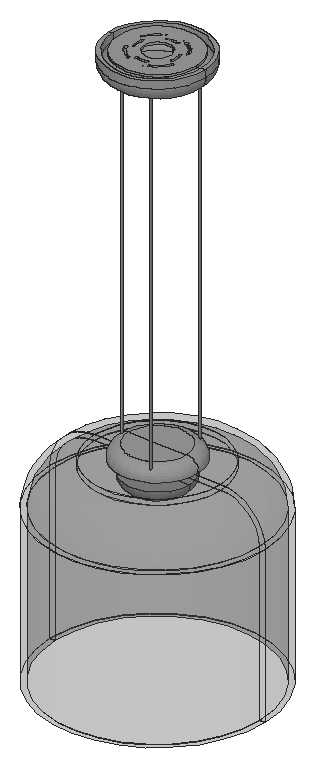
Revit family "Totem Downlight Assembly", category Lighting Fixtures, Revit 2020
Family settings
  Round Connector Dimension = Use Diameter
  Part Type = Normal
  OmniClass Number = 23.80.70.00
  OmniClass Title = Lighting
  Work Plane-Based = No
  Always vertical = Yes
  Cut with Voids When Loaded = No
  Light Source = Yes
  Shared = No
  Room Calculation Point = No
Parameters (values of type "Totem Downlight Assembly A")
  Wattage = 9.42495 W
  built-in parameter 1150110 = 1 (stored number, unit not read)
  built-in parameter 1114217 = 1 (stored number, unit not read)
  Tilt Angle = 90.00°
  built-in parameter 1150109 = 1 (stored number, unit not read)
  built-in parameter 1150134 = (empty or 0)
  built-in parameter 1150113 = 1 (stored number, unit not read)
  SUSPENDED CABLE LENGTH = 2' - 0"
  Photometric Web File = "TOTEM FLUSH.IES"
  MATERIAL ROOF ATTACHMENT PIECE = Steel, Paint Finish, Ivory, Glossy
  MATERIAL LIGHT PIECE ATTACHMENT = Steel, Paint Finish, Ivory, Glossy
  MATERIAL LIGHT PIECE = Cloth, Lamp Shade
  MATERIAL CABLE = Steel, Paint Finish, Ivory, Glossy
  Lumens = 1400 lm
  built-in parameter 1150115 = 1 (stored number, unit not read)
  built-in parameter 1150105 = 111.41 (stored number, unit not read)
  built-in parameter 1150137 = (empty or 0)
  built-in parameter 1150139 = (empty or 0)
  built-in parameter 1150112 = 1 (stored number, unit not read)
  built-in parameter 1150114 = 1 (stored number, unit not read)
  LIGHT PIECE LENGTH = 1' - 2"
  built-in parameter 1150132 = 2
  built-in parameter 1150102 = (empty or 0)
  built-in parameter 1150138 = (empty or 0)
  built-in parameter 1150107 = 2700 (stored number, unit not read)
  built-in parameter 1150106 = 1.1141 (stored number, unit not read)
  Emit from Circle Diameter = 2' - 0"
  Emit Shape Visible in Rendering = no
  built-in parameter 1150104 = 13.8 (stored number, unit not read)
  Dimming Lamp Color Temperature Shift = <None>
  Default Elevation = 0' - 0"
  Color Filter = 16777215
  built-in parameter 1114218 = 1 (stored number, unit not read)
  built-in parameter 1150133 = 10 (stored number, unit not read)
Types (5): name | LIGHT PIECE LENGTH
  (no name) | 1' - 2"
  Totem Downlight Assembly A | 1' - 2"
  Totem Downlight Assembly B | 0' - 10"
  Totem Downlight Assembly C | 0' - 4 1/2"
  Totem Downlight Assembly D | 0' - 3 9/16"
Reference planes (in)
  plane 1 "Light Source Axis (F/B)": y = 0
  plane 2: z = 0
  plane 3 "Light Source Axis (L/R)": x = 0
  plane 4 "Light Source Elevation": z = 12.56609
  plane 5 "TOP": z = 11.08972
  plane 6 "BOTTOM": z = -12.91028
Forms (in)
  Extrusion 1, solid, material "Steel, Paint Finish, Ivory, Glossy" <- "MATERIAL CABLE"
    sketch origin (2.47542, -0.00382, 9.92893) x (0, 1, 0) y (-1, 0, 0)
      loop
        circle (-0.00527, 4.95303) r 0.05909
      loop
        circle (2.1421, 1.24324) r 0.05909
      loop
        circle (-2.1526, 1.24502) r 0.05909
    from -22.83922 to 1.16078
  Revolve 2, solid, material "Steel, Paint Finish, Ivory, Glossy" <- "MATERIAL ROOF ATTACHMENT PIECE"
    sketch origin (0, 0, -0.04271) x (1, 0, 0) y (0, 0, 1)
      loop
        line (-3.37597, 12.60881) -> (-3.37597, 12.09306)
        arc (-3.37597, 12.09306) -> (-3.04397, 11.34827) -> (-2.2695, 11.09306) r 1.00764
        line (-2.2695, 11.09306) -> (-0.00097, 11.09306) -> (-0.00097, 11.34306) -> (-2.28267, 11.34306)
        arc (-2.28267, 11.34306) -> (-2.87197, 11.52983) -> (-3.12597, 12.09343) r 0.75764
        line (-3.12597, 12.09343) -> (-3.12597, 12.60881) -> (-3.37597, 12.60881)
      axis (0, 11.09306) -> (0, 12.60881)
    angle from 0 to 360
  Extrusion 3, void
    sketch origin (0, 0, -0.04271) x (1, 0, 0) y (0, 1, 0)
      loop
        arc (-1.52503, 0.67831) -> (-1.18863, 1.16071) -> (-0.70658, 1.49761) r 1.6801
        arc (-0.70658, 1.49761) -> (-0.6591, 1.62811) -> (-0.78937, 1.67621) r 0.09843
        arc (-0.78937, 1.67621) -> (-1.33135, 1.29715) -> (-1.704, 0.75074) r 1.83735
        arc (-1.704, 0.75074) -> (-1.64503, 0.63913) -> (-1.52503, 0.67831) r 0.09795
      loop
        arc (1.52259, 0.67831) -> (1.64258, 0.63913) -> (1.70155, 0.75074) r 0.09795
        arc (1.70155, 0.75074) -> (1.32891, 1.29715) -> (0.78693, 1.67621) r 1.83735
        arc (0.78693, 1.67621) -> (0.65666, 1.62811) -> (0.70414, 1.49761) r 0.09843
        arc (0.70414, 1.49761) -> (1.18618, 1.16071) -> (1.52259, 0.67831) r 1.6801
      loop
        arc (-1.52503, -0.705) -> (-1.64503, -0.66581) -> (-1.704, -0.77743) r 0.09795
        arc (-1.704, -0.77743) -> (-1.33135, -1.32383) -> (-0.78937, -1.70289) r 1.83735
        arc (-0.78937, -1.70289) -> (-0.6591, -1.65479) -> (-0.70658, -1.5243) r 0.09843
        arc (-0.70658, -1.5243) -> (-1.18863, -1.18739) -> (-1.52503, -0.705) r 1.6801
      loop
        arc (1.52259, -0.705) -> (1.18618, -1.18739) -> (0.70414, -1.5243) r 1.6801
        arc (0.70414, -1.5243) -> (0.65666, -1.65479) -> (0.78693, -1.70289) r 0.09843
        arc (0.78693, -1.70289) -> (1.32891, -1.32383) -> (1.70155, -0.77743) r 1.83735
        arc (1.70155, -0.77743) -> (1.64258, -0.66581) -> (1.52259, -0.705) r 0.09795
      loop
        circle (0, 0) r 0.92616
      loop
        arc (-1.43084, 0.35554) -> (-1.48104, -0.02173) -> (-1.43084, -0.39901) r 1.44285
        arc (-1.43084, -0.39901) -> (-1.31049, -0.46894) -> (-1.24056, -0.34859) r 0.09842
        arc (-1.24056, -0.34859) -> (-1.28324, -0.0173) -> (-1.23873, 0.31374) r 1.27953
        arc (-1.23873, 0.31374) -> (-1.3128, 0.43565) -> (-1.43084, 0.35554) r 0.09843
      loop
        arc (1.43084, 0.35554) -> (1.3128, 0.43565) -> (1.23873, 0.31374) r 0.09843
        arc (1.23873, 0.31374) -> (1.28324, -0.0173) -> (1.24056, -0.34859) r 1.27953
        arc (1.24056, -0.34859) -> (1.31049, -0.46894) -> (1.43084, -0.39901) r 0.09842
        arc (1.43084, -0.39901) -> (1.48104, -0.02173) -> (1.43084, 0.35554) r 1.44285
      loop
        arc (0.37271, 1.41368) -> (-0.00457, 1.46388) -> (-0.38185, 1.41368) r 1.44285
        arc (-0.38185, 1.41368) -> (-0.45178, 1.29333) -> (-0.33143, 1.2234) r 0.09842
        arc (-0.33143, 1.2234) -> (-0.00014, 1.26608) -> (0.3309, 1.22157) r 1.27953
        arc (0.3309, 1.22157) -> (0.45281, 1.29564) -> (0.37271, 1.41368) r 0.09843
      loop
        arc (0.37271, -1.448) -> (0.45281, -1.32996) -> (0.3309, -1.25589) r 0.09843
        arc (0.3309, -1.25589) -> (-0.00014, -1.3004) -> (-0.33143, -1.25772) r 1.27953
        arc (-0.33143, -1.25772) -> (-0.45178, -1.32765) -> (-0.38185, -1.448) r 0.09842
        arc (-0.38185, -1.448) -> (-0.00457, -1.4982) -> (0.37271, -1.448) r 1.44285
    from 12.98507 to 12.2699
  Extrusion 4, solid, material "Steel, Paint Finish, Ivory, Glossy" <- "MATERIAL ROOF ATTACHMENT PIECE"
    sketch origin (0, 0, 0.56609) x (1, 0, 0) y (0, 1, 0)
      loop
        circle (0, 0) r 2.7188
    from 11.89276 to 12
  Extrusion 5, solid, material "Steel, Paint Finish, Ivory, Glossy" <- "MATERIAL ROOF ATTACHMENT PIECE"
    sketch origin (-16.44953, 0, -0.04271) x (1, 0, 0) y (0, 1, 0)
      loop
        circle (17.40096, 2.09113) r 0.27565
      loop
        circle (14.17411, 0.1995) r 0.27565
      loop
        circle (17.68178, -1.90585) r 0.27565
    from 11.34306 to 12.50157
  Extrusion 6, solid, material "Steel, Paint Finish, Ivory, Glossy" <- "MATERIAL ROOF ATTACHMENT PIECE"
    sketch origin (-16.44429, -0.21875, -0.04271) x (0, 1, 0) y (0, 0, 1)
      loop
        line (2.05768, 12.54339) -> (2.05768, 11.33323)
        arc (2.05768, 11.33323) -> (2.04695, 11.30453) -> (2.02002, 11.28991) r 0.04375
        line (2.02002, 11.28991) -> (0.95532, 11.28991)
        arc (0.95532, 11.28991) -> (0.92746, 11.30145) -> (0.91592, 11.32931) r 0.0394
        arc (0.91592, 11.32931) -> (0.8865, 11.42467) -> (0.79616, 11.46707) r 0.12339
        line (0.79616, 11.46707) -> (-0.30452, 11.46707)
        arc (-0.30452, 11.46707) -> (-0.39448, 11.42512) -> (-0.42017, 11.32924) r 0.11744
        arc (-0.42017, 11.32924) -> (-0.43397, 11.30114) -> (-0.46336, 11.29036) r 0.04206
        line (-0.46336, 11.29036) -> (-1.53037, 11.29036)
        arc (-1.53037, 11.29036) -> (-1.55315, 11.29979) -> (-1.56258, 11.32257) r 0.03221
        line (-1.56258, 11.32257) -> (-1.56258, 12.56609) -> (-1.64071, 12.56609) -> (-1.64071, 11.32257)
        arc (-1.64071, 11.32257) -> (-1.60839, 11.24455) -> (-1.53037, 11.21223) r 0.11033
        line (-1.53037, 11.21223) -> (-0.46422, 11.21223)
        arc (-0.46422, 11.21223) -> (-0.37592, 11.24865) -> (-0.34206, 11.33796) r 0.12018
        arc (-0.34206, 11.33796) -> (-0.33618, 11.37294) -> (-0.30452, 11.38895) r 0.03932
        line (-0.30452, 11.38895) -> (0.79506, 11.38895)
        arc (0.79506, 11.38895) -> (0.82851, 11.37225) -> (0.83799, 11.33608) r 0.04526
        arc (0.83799, 11.33608) -> (0.86986, 11.24864) -> (0.95532, 11.21178) r 0.11753
        line (0.95532, 11.21178) -> (2.02411, 11.21178)
        arc (2.02411, 11.21178) -> (2.10364, 11.25073) -> (2.1358, 11.33323) r 0.12187
        line (2.1358, 11.33323) -> (2.1358, 12.54339) -> (2.05768, 12.54339)
    from 16.05407 to 16.83604
  Revolve 7, solid, material "Cloth, Lamp Shade" <- "MATERIAL LIGHT PIECE"
    sketch origin (0, 0, -0.04271) x (1, 0, 0) y (0, 0, 1)
      loop
        line (-7.49624, -26.86757) -> (-7.12034, -26.86757) -> (-7.12034, -15.95628)
        arc (-7.12034, -15.95628) -> (-6.29377, -14.11135) -> (-4.40142, -13.40005) r 2.62665
        line (-4.40142, -13.40005) -> (0.02067, -13.40005) -> (0.02067, -13.02505) -> (-4.39499, -13.02505)
        arc (-4.39499, -13.02505) -> (-6.58157, -13.86763) -> (-7.49624, -16.02505) r 3.00165
        line (-7.49624, -16.02505) -> (-7.49624, -26.86757)
      axis (0.02067, -13.02505) -> (0.02067, -26.86757)
    angle from 0 to 360
  Revolve 8, solid, material "Steel, Paint Finish, Ivory, Glossy" <- "MATERIAL LIGHT PIECE ATTACHMENT"
    sketch origin (0, 0, 0) x (1, 0, 0) y (0, 0, 1)
      loop
        line (-2.08457, -13.06777) -> (0.02067, -13.06777) -> (0.02067, -12.03907) -> (-2.00767, -12.03907)
        arc (-2.00767, -12.03907) -> (-2.58963, -12.30384) -> (-2.79212, -12.91028) r 0.80056
        line (-2.79212, -12.91028) -> (-0.93956, -12.91028) -> (-0.93956, -12.94965) -> (-2.08457, -12.94965) -> (-2.08457, -13.06777)
      loop
        line (-0.48923, -13.44277) -> (-0.48923, -13.54021) -> (-0.98481, -13.54021) -> (-0.98481, -13.61895) -> (-0.34988, -13.61895) -> (-0.34988, -13.75674) -> (-0.27312, -13.75674) -> (-0.27312, -13.8158) -> (-2.24403, -13.8158)
        arc (-2.24403, -13.8158) -> (-1.96431, -14.45742) -> (-1.316, -14.72131) r 0.9283
        line (-1.316, -14.72131) -> (0.02067, -14.72131) -> (0.02067, -13.44277) -> (-0.48923, -13.44277)
      axis (0.02067, -14.72131) -> (0.02067, -12.03907)
    angle from 0 to 360
Cuts and joins
  Extrusion 3 cuts Extrusion 4
Dimensions and locks (in)
  "SUSPENDED CABLE LENGTH": plane 5 "TOP" to plane 6 "BOTTOM"
  locked: Revolve 7 to imposter light at 1.78213
  "LIGHT PIECE LENGTH": plane 6 "BOTTOM" to Revolve 7 sketch curve
  aligned and locked: level to plane 2
  aligned and locked: Extrusion 1 to plane 6 "BOTTOM"
  aligned and locked: plane 5 "TOP" to Extrusion 1
Automatic sketch dimensions
  plane 1 "Light Source Axis (F/B)" to Extrusion 1 sketch curve = 0' - 2.15642"
  plane 1 "Light Source Axis (F/B)" to Extrusion 1 sketch curve = 0' - 0.00909"
  Extrusion 1 sketch curve to plane 1 "Light Source Axis (F/B)" = 0' - 2.13827"
  plane 3 "Light Source Axis (L/R)" to Extrusion 1 sketch curve = 0' - 1.23218"
  plane 3 "Light Source Axis (L/R)" to Extrusion 1 sketch curve = 0' - 1.2304"
  Extrusion 1 sketch curve to plane 3 "Light Source Axis (L/R)" = 0' - 2.47761"
  Revolve 2 sketch curve to Revolve 2 sketch curve = 0' - 0"  (x2)
  Revolve 2 sketch curve to plane 4 "Light Source Elevation" = 0' - 0"
  Revolve 2 sketch curve to plane 3 "Light Source Axis (L/R)" = 0' - 0"
  Revolve 2 sketch curve to plane 3 "Light Source Axis (L/R)" = 0' - 0.00097"
  Revolve 2 sketch curve to plane 5 "TOP" = 0' - 0.03937"
  Revolve 2 sketch curve to Revolve 2 sketch curve = 0' - 2.26853"
  Revolve 2 sketch curve to Revolve 2 sketch curve = 0' - 0.01317"
  plane 4 "Light Source Elevation" to Revolve 2 sketch curve = 0' - 0.51297"
  Revolve 2 sketch curve to Revolve 2 sketch curve = 0' - 0.08567"
  Revolve 2 sketch curve to Revolve 2 sketch curve = 0' - 0.75764"
  Revolve 2 sketch curve to Revolve 2 sketch curve = 0' - 0 1/4"  (x2)
  Revolve 2 sketch curve to plane 4 "Light Source Elevation" = 0' - 0 1/4"
  Revolve 2 sketch curve to Revolve 2 sketch curve = 0' - 0 1/2"
  Extrusion 3 sketch curve to Extrusion 3 sketch curve = 0' - 0"  (x15)
  plane 1 "Light Source Axis (F/B)" to Extrusion 3 sketch curve = 0' - 0"  (x2)
  Extrusion 3 sketch curve to plane 3 "Light Source Axis (L/R)" = 0' - 0"  (x2)
  Extrusion 3 sketch curve to plane 3 "Light Source Axis (L/R)" = 0' - 0.00244"  (x2)
  Extrusion 3 sketch curve to plane 3 "Light Source Axis (L/R)" = 0' - 0.00367"  (x2)
  Extrusion 3 sketch curve to Extrusion 3 sketch curve = 0' - 0.00005"  (x2)
  Extrusion 3 sketch curve to plane 3 "Light Source Axis (L/R)" = 0' - 0.00457"  (x2)
  Extrusion 3 sketch curve to plane 1 "Light Source Axis (F/B)" = 0' - 0.00562"  (x2)
  Extrusion 3 sketch curve to Extrusion 3 sketch curve = 0' - 0.02207"  (x2)
  Extrusion 3 sketch curve to Extrusion 3 sketch curve = 0' - 0.01367"
  Extrusion 3 sketch curve to plane 3 "Light Source Axis (L/R)" = 0' - 0.35664"  (x2)
  Extrusion 3 sketch curve to Extrusion 3 sketch curve = 0' - 0.39176"  (x2)
  Extrusion 3 sketch curve to plane 1 "Light Source Axis (F/B)" = 0' - 0.33948"  (x2)
  Extrusion 3 sketch curve to plane 3 "Light Source Axis (L/R)" = 0' - 1.33373"
  plane 1 "Light Source Axis (F/B)" to Extrusion 3 sketch curve = 0' - 0.3738"  (x2)
  Extrusion 3 sketch curve to Extrusion 3 sketch curve = 0' - 0.00197"  (x4)
  Extrusion 3 sketch curve to Extrusion 3 sketch curve = 0' - 0.27455"
  Extrusion 3 sketch curve to Extrusion 3 sketch curve = 0' - 0.27259"
  plane 3 "Light Source Axis (L/R)" to Extrusion 3 sketch curve = 0' - 0.00372"
  Extrusion 3 sketch curve to Extrusion 3 sketch curve = 0' - 0.01836"
  plane 3 "Light Source Axis (L/R)" to Extrusion 3 sketch curve = 0' - 0.02207"
  Extrusion 3 sketch curve to Extrusion 3 sketch curve = 0' - 0.01612"
  plane 3 "Light Source Axis (L/R)" to Extrusion 3 sketch curve = 0' - 0.35664"  (x2)
  Extrusion 3 sketch curve to Extrusion 3 sketch curve = 0' - 0.38932"  (x2)
  plane 3 "Light Source Axis (L/R)" to Extrusion 3 sketch curve = 0' - 1.33373"
  Extrusion 3 sketch curve to Extrusion 3 sketch curve = 0' - 0.27211"
  Extrusion 3 sketch curve to Extrusion 3 sketch curve = 0' - 0.27014"  (x2)
  Extrusion 3 sketch curve to Extrusion 3 sketch curve = 0' - 0 49/128"  (x2)
  plane 1 "Light Source Axis (F/B)" to Extrusion 3 sketch curve = 0' - 1.35089"
  Extrusion 3 sketch curve to Extrusion 3 sketch curve = 0' - 0.26054"
  Extrusion 3 sketch curve to Extrusion 3 sketch curve = 0' - 0.26251"
  plane 1 "Light Source Axis (F/B)" to Extrusion 3 sketch curve = 0' - 0.05535"
  plane 1 "Light Source Axis (F/B)" to Extrusion 3 sketch curve = 0' - 0.03231"
  Extrusion 3 sketch curve to Extrusion 3 sketch curve = 0' - 0.02304"
  Extrusion 3 sketch curve to Extrusion 3 sketch curve = 0' - 0.00562"
  Extrusion 3 sketch curve to Extrusion 3 sketch curve = 0' - 0.01057"  (x2)
  Extrusion 3 sketch curve to Extrusion 3 sketch curve = 0' - 0.00581"
  Extrusion 3 sketch curve to Extrusion 3 sketch curve = 0' - 0.00585"
  Extrusion 3 sketch curve to Extrusion 3 sketch curve = 0' - 0.00739"
  Extrusion 3 sketch curve to plane 1 "Light Source Axis (F/B)" = 0' - 0.02103"
  Extrusion 3 sketch curve to Extrusion 3 sketch curve = 0' - 0.39045"  (x2)
  Extrusion 3 sketch curve to plane 1 "Light Source Axis (F/B)" = 0' - 1.31657"
  Extrusion 3 sketch curve to Extrusion 3 sketch curve = 0' - 0.26818"
  Extrusion 3 sketch curve to Extrusion 3 sketch curve = 0' - 0.02521"  (x4)
  Extrusion 3 sketch curve to Extrusion 3 sketch curve = 0' - 0.04181"  (x4)
  Extrusion 3 sketch curve to Extrusion 3 sketch curve = 0' - 0.04097"  (x4)
  Extrusion 3 sketch curve to Extrusion 3 sketch curve = 0' - 0.095"  (x2)
  Extrusion 3 sketch curve to Extrusion 3 sketch curve = 0' - 0.09514"
  Extrusion 3 sketch curve to Extrusion 3 sketch curve = 0' - 0.08325"  (x4)
  Extrusion 3 sketch curve to Extrusion 3 sketch curve = 0' - 0.0971"
  plane 1 "Light Source Axis (F/B)" to Extrusion 4 sketch curve = 0' - 0"
  Extrusion 4 sketch curve to plane 3 "Light Source Axis (L/R)" = 0' - 0"
  Extrusion 5 sketch curve to plane 1 "Light Source Axis (F/B)" = 0' - 0.1995"
  Extrusion 5 sketch curve to plane 3 "Light Source Axis (L/R)" = 0' - 2.27541"
  plane 3 "Light Source Axis (L/R)" to Extrusion 5 sketch curve = 0' - 0.95143"
  plane 3 "Light Source Axis (L/R)" to Extrusion 5 sketch curve = 0' - 1.23225"
  plane 1 "Light Source Axis (F/B)" to Extrusion 5 sketch curve = 0' - 1.90585"
  Extrusion 5 sketch curve to plane 1 "Light Source Axis (F/B)" = 0' - 2.09113"
  Extrusion 6 sketch curve to Extrusion 6 sketch curve = 0' - 0"  (x12)
  plane 4 "Light Source Elevation" to Extrusion 6 sketch curve = 0' - 0.04271"
  plane 1 "Light Source Axis (F/B)" to Extrusion 6 sketch curve = 0' - 1.85946"
  Extrusion 6 sketch curve to Extrusion 6 sketch curve = 0' - 0 5/64"  (x2)
  Extrusion 6 sketch curve to Extrusion 6 sketch curve = 0' - 0.03221"
  plane 5 "TOP" to Extrusion 6 sketch curve = 0' - 0.0798"
  plane 1 "Light Source Axis (F/B)" to Extrusion 6 sketch curve = 0' - 0.68297"
  Extrusion 6 sketch curve to Extrusion 6 sketch curve = 0' - 0.00086"
  Extrusion 6 sketch curve to Extrusion 6 sketch curve = 0' - 0.00125"
  Extrusion 6 sketch curve to Extrusion 6 sketch curve = 0' - 0.1576"
  plane 5 "TOP" to Extrusion 6 sketch curve = 0' - 0.21129"
  Extrusion 6 sketch curve to plane 1 "Light Source Axis (F/B)" = 0' - 0.57462"
  Extrusion 6 sketch curve to Extrusion 6 sketch curve = 0' - 0.00169"
  Extrusion 6 sketch curve to Extrusion 6 sketch curve = 0' - 0.0011"
  Extrusion 6 sketch curve to Extrusion 6 sketch curve = 0' - 0.16195"
  plane 5 "TOP" to Extrusion 6 sketch curve = 0' - 0.2008"
  Extrusion 6 sketch curve to Extrusion 6 sketch curve = 0' - 1 15/256"
  Extrusion 6 sketch curve to Extrusion 6 sketch curve = 0' - 0.00609"
  Extrusion 6 sketch curve to Extrusion 6 sketch curve = 0' - 0.00409"
  Extrusion 6 sketch curve to Extrusion 6 sketch curve = 0' - 0.04375"
  plane 4 "Light Source Elevation" to Extrusion 6 sketch curve = 0' - 0.06542"
  Extrusion 6 sketch curve to Extrusion 6 sketch curve = 0' - 0.0394"
  Extrusion 6 sketch curve to Extrusion 6 sketch curve = 0' - 0.04204"
  Extrusion 6 sketch curve to Extrusion 6 sketch curve = 0' - 0.11744"
  Extrusion 6 sketch curve to Extrusion 6 sketch curve = 0' - 0.04523"
  Revolve 8 sketch curve to plane 6 "BOTTOM" = 0' - 0"
  Revolve 8 sketch curve to plane 3 "Light Source Axis (L/R)" = 0' - 2.79212"
  Revolve 8 sketch curve to Revolve 8 sketch curve = 0' - 0.54809"
  Revolve 8 sketch curve to plane 6 "BOTTOM" = 0' - 0.03937"
  Revolve 8 sketch curve to Revolve 8 sketch curve = 0' - 0.70755"
  Revolve 8 sketch curve to Revolve 8 sketch curve = 0' - 0.07689"
  plane 6 "BOTTOM" to Revolve 8 sketch curve = 0' - 0.07076"
  Revolve 8 sketch curve to Revolve 8 sketch curve = 0' - 0.08987"
  Revolve 8 sketch curve to Revolve 8 sketch curve = 0' - 0.3312"
  Revolve 8 sketch curve to Revolve 8 sketch curve = 0' - 0.04525"
  Revolve 8 sketch curve to plane 3 "Light Source Axis (L/R)" = 0' - 0.48923"
  Revolve 8 sketch curve to Revolve 8 sketch curve = 0' - 0.13935"
  Revolve 8 sketch curve to Revolve 8 sketch curve = 0' - 0.07676"
  plane 3 "Light Source Axis (L/R)" to Revolve 8 sketch curve = 0' - 0.02067"  (x3)
  Revolve 8 sketch curve to Revolve 8 sketch curve = 0' - 0.11811"
  Revolve 8 sketch curve to Revolve 8 sketch curve = 0' - 0.07874"
  Revolve 8 sketch curve to Revolve 8 sketch curve = 0' - 0.1378"
  Revolve 8 sketch curve to Revolve 8 sketch curve = 0' - 0.17406"
  Revolve 8 sketch curve to Revolve 8 sketch curve = 0' - 0.05906"
  Revolve 8 sketch curve to Revolve 8 sketch curve = 0' - 0 3/8"
  Revolve 8 sketch curve to Revolve 8 sketch curve = 0' - 0.09744"
  Revolve 8 sketch curve to Revolve 8 sketch curve = 0' - 0.90551"
  Revolve 8 sketch curve to Revolve 8 sketch curve = 0' - 0.09094"
  Revolve 8 sketch curve to Revolve 8 sketch curve = 0' - 1.1282"
  Revolve 7 sketch curve to Revolve 7 sketch curve = 0' - 0"  (x2)
  Revolve 7 sketch curve to plane 6 "BOTTOM" = 0' - 3.15748"
  Revolve 7 sketch curve to plane 3 "Light Source Axis (L/R)" = 0' - 7.49624"
  Revolve 7 sketch curve to Revolve 7 sketch curve = 0' - 0.3759"
  Revolve 7 sketch curve to Revolve 7 sketch curve = 0' - 2.62575"
  Revolve 7 sketch curve to plane 6 "BOTTOM" = 0' - 0.53248"
  Revolve 7 sketch curve to Revolve 7 sketch curve = 0' - 0.09317"
  Revolve 7 sketch curve to plane 6 "BOTTOM" = 0' - 0.15748"
  plane 3 "Light Source Axis (L/R)" to Revolve 7 sketch curve = 0' - 0.02067"  (x2)
  Revolve 7 sketch curve to Revolve 7 sketch curve = 0' - 3.04493"
  Revolve 7 sketch curve to Revolve 7 sketch curve = 0' - 1.41296"
  radius of Extrusion 1 sketch curve = 0' - 0.05909"  (x3)
  radius of Extrusion 3 sketch curve = 0' - 0.92616"
  radius of Extrusion 4 sketch curve = 0' - 2.7188"
  radius of Extrusion 5 sketch curve = 0' - 0.27565"  (x3)
